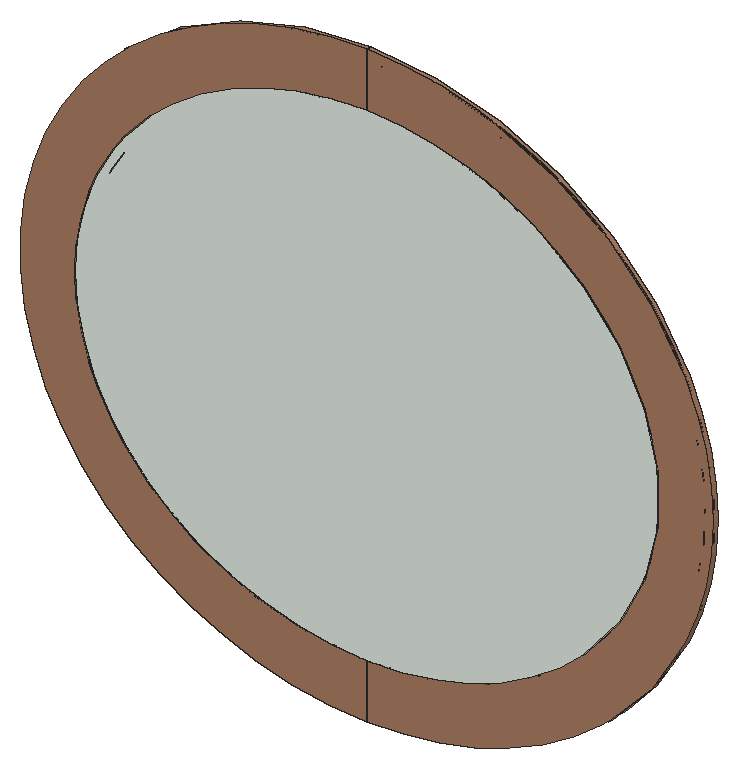
Revit family
Reference planes (in)
  plane 1: y = 0
  plane 2 "Center (Left/Right)": x = 0
  plane 3 "Wall Edge": y = 3
Forms (in)
  Extrusion 1, solid, material "dos xx MIRROR"
    sketch origin (-1.18283, 3, 136.16503) x (1, 0, 0) y (0, 0, -1)
      loop
        spline (2.88922, 85.66665) -> (-5.39299, 84.74664) -> (-13.11078, 82.04933) -> (-19.73819, 77.75853) -> (-24.82359, 72.16665) -> (-28.0204, 65.65476) -> (-29.11078, 58.66665) -> (-28.0204, 51.67853) -> (-24.82359, 45.16665) -> (-19.73819, 39.57476) -> (-13.11078, 35.28396) -> (-5.39299, 32.58665) -> (2.88922, 31.66665)
        spline (2.88922, 31.66665) -> (11.17143, 32.58665) -> (18.88922, 35.28396) -> (25.51664, 39.57476) -> (30.60204, 45.16665) -> (33.79885, 51.67853) -> (34.88922, 58.66665) -> (33.79885, 65.65476) -> (30.60204, 72.16665) -> (25.51664, 77.75853) -> (18.88922, 82.04933) -> (11.17143, 84.74664) -> (2.88922, 85.66665)
    from 0 to 1
  Sweep 2, solid, material "dos xx MIRROR 1"
    path in 3D
      loop
        spline (1.70639, 3, 104.49839) -> (9.9886, 3, 103.57838) -> (17.70639, 3, 100.88107) -> (24.33381, 3, 96.59027) -> (29.4192, 3, 90.99839) -> (32.61602, 3, 84.4865) -> (33.70639, 3, 77.49839) -> (32.61602, 3, 70.51027) -> (29.4192, 3, 63.99839) -> (24.33381, 3, 58.4065) -> (17.70639, 3, 54.1157) -> (9.9886, 3, 51.41839) -> (1.70639, 3, 50.49839)
    profile origin (33.70639, 3, 77.49839) x (0, -1, 0) y (1, 0, 0)
      loop
        line (0, 0) -> (0, 6) -> (-0.5, 6)
        arc (-0.5, 6) -> (-0.30462, 5.09914) -> (-0.875, 4.375) r 1.08122
        arc (-0.875, 4.375) -> (-1.44538, 3.65086) -> (-1.25, 2.75) r 1.08122
        arc (-1.25, 2.75) -> (-1.12476, 2.29321) -> (-1.4375, 1.9375) r 0.49909
        arc (-1.4375, 1.9375) -> (-2.23823, 0.53577) -> (-1, -0.5) r 1.25801
        line (-1, -0.5) -> (-1, 0) -> (0, 0)
  Sweep 3, solid, material "dos xx MIRROR 1"
    path in 3D
      loop
        spline (1.70639, 3, 104.49839) -> (-6.57582, 3, 103.57838) -> (-14.29361, 3, 100.88107) -> (-20.92103, 3, 96.59027) -> (-26.00642, 3, 90.99839) -> (-29.20323, 3, 84.4865) -> (-30.29361, 3, 77.49839) -> (-29.20323, 3, 70.51027) -> (-26.00642, 3, 63.99839) -> (-20.92103, 3, 58.4065) -> (-14.29361, 3, 54.1157) -> (-6.57582, 3, 51.41839) -> (1.70639, 3, 50.49839)
    profile origin (-30.29361, 3, 77.49839) x (0, -1, 0) y (1, 0, 0)
      loop
        line (0, 0) -> (-1, 0) -> (-1, 0.5)
        arc (-1, 0.5) -> (-2.23823, -0.53577) -> (-1.4375, -1.9375) r 1.25801
        arc (-1.4375, -1.9375) -> (-1.12476, -2.29321) -> (-1.25, -2.75) r 0.49909
        arc (-1.25, -2.75) -> (-1.44538, -3.65086) -> (-0.875, -4.375) r 1.08122
        arc (-0.875, -4.375) -> (-0.30462, -5.09914) -> (-0.5, -6) r 1.08122
        line (-0.5, -6) -> (0, -6) -> (0, 0)
Lines and regions (in)
  sketch lines
    curve 1: spline (1.70639, 3, 104.49839) -> (9.9886, 3, 103.57838) -> (17.70639, 3, 100.88107) -> (24.33381, 3, 96.59027) -> (29.4192, 3, 90.99839) -> (32.61602, 3, 84.4865) -> (33.70639, 3, 77.49839) -> (32.61602, 3, 70.51027) -> (29.4192, 3, 63.99839) -> (24.33381, 3, 58.4065) -> (17.70639, 3, 54.1157) -> (9.9886, 3, 51.41839) -> (1.70639, 3, 50.49839)
    curve 2: spline (1.70639, 3, 104.49839) -> (-6.57582, 3, 103.57838) -> (-14.29361, 3, 100.88107) -> (-20.92103, 3, 96.59027) -> (-26.00642, 3, 90.99839) -> (-29.20323, 3, 84.4865) -> (-30.29361, 3, 77.49839) -> (-29.20323, 3, 70.51027) -> (-26.00642, 3, 63.99839) -> (-20.92103, 3, 58.4065) -> (-14.29361, 3, 54.1157) -> (-6.57582, 3, 51.41839) -> (1.70639, 3, 50.49839)
Text (in)
  text "Placement Side" at (0, 40.15149, 123.01588), in view "Right"
  text "Placement Side" at (-70.3804, 28.46503, 0), in view "Ref. Level"
  text "Placement Side" at (0, 81.62555, 140.59947), in view "Left"
Dimensions and locks (in)
  locked: plane 3 "Wall Edge" to host wall
